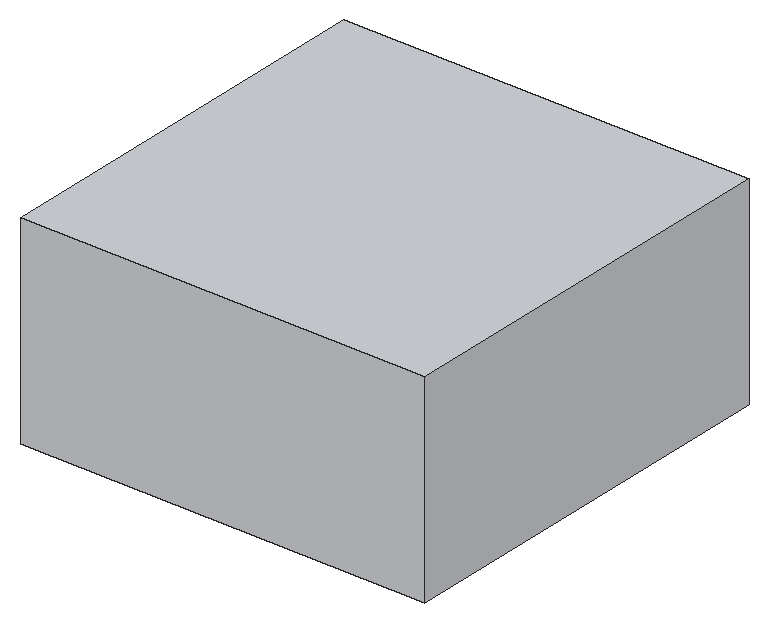
Revit family "BHE_StructuralFoundations_PadFoundation-Rectangular", category Structural Foundations, Revit 2022
Family settings
  Material for Model Behavior = Other
  Cap = No
  Work Plane-Based = No
  Always vertical = Yes
  Cut with Voids When Loaded = No
  Shared = No
Parameters (values of type "1000x1000x500")
  Volume = 0.50 m³
  Structural Material [instance] = none
  Reinforcement Specs [instance] = ""
  Pad Width = 1000 mm
  Pad Type = "P1"
  Pad Length = 1000 mm
  Mesh [instance] = ""
  Foundation Thickness = 500 mm
  Concrete Grade [instance] = ""
Reference planes
  plane 1 "Center (Front/Back)": y = 0
  plane 2: z = 0
  plane 3 "Center (Left/Right)": x = 0
  plane 4: x = -500
  plane 5: x = 500
  plane 6: y = 500
  plane 7: y = -500
  plane 8: z = -500
Forms (mm)
  Extrusion 1, solid, material <- "Structural Material"
    sketch origin (0, 0, 0) x (1, 0, 0) y (0, 1, 0)
      loop
        line (-500, 500) -> (-500, -500) -> (500, -500) -> (500, 500) -> (-500, 500)
    from -500 to 0
Dimensions and locks
  equal spacing: plane 4, plane 3 "Center (Left/Right)", plane 5
  "Pad Width": plane 4 to plane 5
  equal spacing: plane 7, plane 1 "Center (Front/Back)", plane 6
  "Pad Length": plane 7 to plane 6
  "Foundation Thickness": plane 2 to plane 8
  aligned and locked: plane 4 to Extrusion 1 sketch curve
  aligned and locked: Extrusion 1 sketch curve to plane 6
  aligned and locked: plane 7 to Extrusion 1 sketch curve
  aligned and locked: plane 5 to Extrusion 1 sketch curve
  aligned and locked: Extrusion 1 to plane 8
  aligned and locked: plane 2 to Extrusion 1
